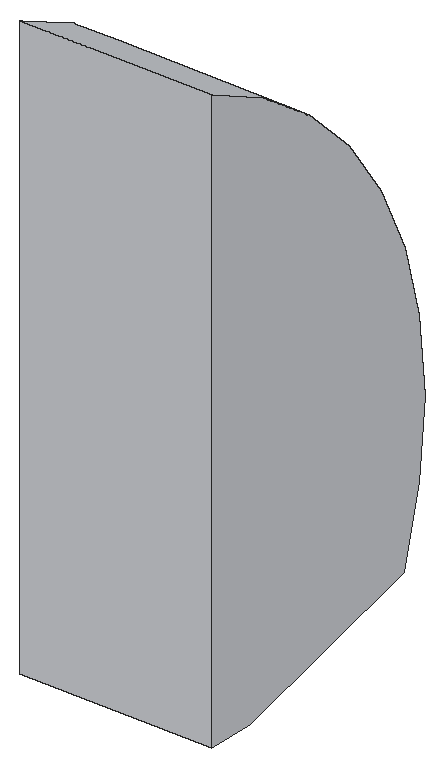
Revit family "DAN DRYER Stainless Design Mini Design 298", category Furniture Systems, host Wall, Revit 2018
Family settings
  Host = Wall
  Round Connector Dimension = Use Diameter
  Part Type = Normal
  Always vertical = Yes
  Cut with Voids When Loaded = No
  Shared = No
  Room Calculation Point = No
Parameters (values of type "Stål")
  Wicth = 120 mm
  URL = "http://www.dandryer.com/Files/Billeder/PDF/Datablade/Nye/Technical%20data%20sheet%20298.pdf"
  Type Image = <None>
  Offset from Floor = 1500 mm
  Model = "Stainless design"
  Manufacturer = "http://www.dandryer.com/"
  Height = 367 mm
  Description = "STAINLESS DESIGN Manual foam soap dispenser Art. no. 298"
  Cost = 0
Reference planes
  plane 1 "Wall": y = 0
  plane 2 "Center (Left/Right)": x = 125
  plane 3 "Back": y = 75
  plane 4 "Top": z = 1500
  plane 5 "Bund": z = 1133
  plane 6: x = 185
  plane 7: x = 65
  plane 8 "Manual": through (-8600, 181.187, 1185.25) normal (0, -0.8572, -0.515)
Forms (mm)
  Extrusion 1, solid
    sketch origin (125, 0, 0) x (0, 1, 0) y (0, 0, 1)
      loop
        line (75, 1133) -> (105, 1133) -> (225.741, 1165.352)
        arc (225.741, 1165.352) -> (240.929, 1234.291) -> (237.943, 1304.82) r 273.151
        arc (237.943, 1304.82) -> (182.627, 1424.246) -> (75, 1500) r 254.198
        line (75, 1500) -> (75, 1133)
    from -60 to 60
  Extrusion 2, void
    sketch origin (125, 125.577, 1138.513) x (0, -0.965926, -0.258819) y (1, 0, 0)
      loop
        line (-84.103, 0) -> (-84.103, -45) -> (-44.103, -45) -> (-44.103, -30) -> (-54.103, -30) -> (-54.103, -20) -> (-44.103, -20) -> (-44.103, 0) -> (-44.103, 20) -> (-54.103, 20) -> (-54.103, 30) -> (-44.103, 30) -> (-44.103, 45) -> (-84.103, 45) -> (-84.103, 0)
    from 0 to 5
  Sweep 3, solid
    path origin (-8600, 181.187, 1185.25) x (0, -0.515038, 0.857167) y (-1, 0, 0)
      loop
        line (-18.355, -8749.699) -> (-43.355, -8749.699)
        arc (-43.355, -8749.699) -> (-46.891, -8748.234) -> (-48.355, -8744.699) r 5
        line (-48.355, -8744.699) -> (-48.355, -8704.699)
        arc (-48.355, -8704.699) -> (-46.891, -8701.163) -> (-43.355, -8699.699) r 5
        line (-43.355, -8699.699) -> (-18.355, -8699.699)
    profile origin (149.699, 197.078, 1158.802) x (1, 0, 0) y (0, -0.857167, -0.515038)
      loop
        circle (0, 0) r 2
Cuts and joins
  Extrusion 2 cuts Extrusion 1
Text (mm)
  text "Placement Side" at (-1848.837, 1116.779, 0), in view "Ref. Level"
  text "Placement side" at (0, 1409.804, 2854.306), in view "Left"
  text "Placement side" at (0, 499.811, 2980.732), in view "Right"
Dimensions and locks
  locked: plane 3 "Back" to host wall
  "Height": plane 5 "Bund" to plane 4 "Top"
  equal spacing: plane 7, plane 2 "Center (Left/Right)", plane 6
  "Wicth": plane 7 to plane 6
  "Offset from Floor": level to plane 4 "Top"
  aligned and locked: plane 1 "Wall" to host wall
  aligned and locked: Extrusion 1 sketch curve to host wall
  aligned and locked: plane 7 to Extrusion 1
  aligned and locked: Extrusion 1 to plane 6
Automatic sketch dimensions
  Extrusion 1 sketch curve to plane 5 "Bund" = 0 mm
  Extrusion 1 sketch curve to plane 4 "Top" = 0 mm
  host wall to Extrusion 1 sketch curve = 12.51 mm
  Extrusion 1 sketch curve to Extrusion 1 sketch curve = 18.673 mm
  Extrusion 1 sketch curve to Extrusion 1 sketch curve = 30 mm
  plane 5 "Bund" to Extrusion 1 sketch curve = 32.352 mm
  Extrusion 1 sketch curve to Extrusion 1 sketch curve = 120.741 mm
  Extrusion 1 sketch curve to Extrusion 1 sketch curve = 3.242 mm
  Extrusion 1 sketch curve to Extrusion 1 sketch curve = 0 mm
  Extrusion 1 to Extrusion 2 sketch curve = 19.594 mm
  Extrusion 2 sketch curve to Extrusion 2 sketch curve = 30 mm  (x2)
  Extrusion 2 sketch curve to Extrusion 2 sketch curve = 10 mm  (x5)
  Extrusion 2 sketch curve to Extrusion 1 = 15 mm  (x2)
  Extrusion 2 sketch curve to Extrusion 2 sketch curve = 15 mm
  Extrusion 2 sketch curve to Extrusion 2 sketch curve = 20 mm  (x3)
  Sweep 3 sketch curve to plane 8 "Manual" = 0 mm
  Sweep 3 sketch curve to profile plane = 0 mm
  plane 2 "Center (Left/Right)" to Sweep 3 sketch curve = 19.699 mm
  Sweep 3 sketch curve to Sweep 3 sketch curve = 5 mm  (x2)
  Sweep 3 sketch curve to plane 2 "Center (Left/Right)" = 20.301 mm
  Sweep 3 sketch curve to Sweep 3 sketch curve = 25 mm  (x2)
  radius of Sweep 3 sketch curve = 2 mm
